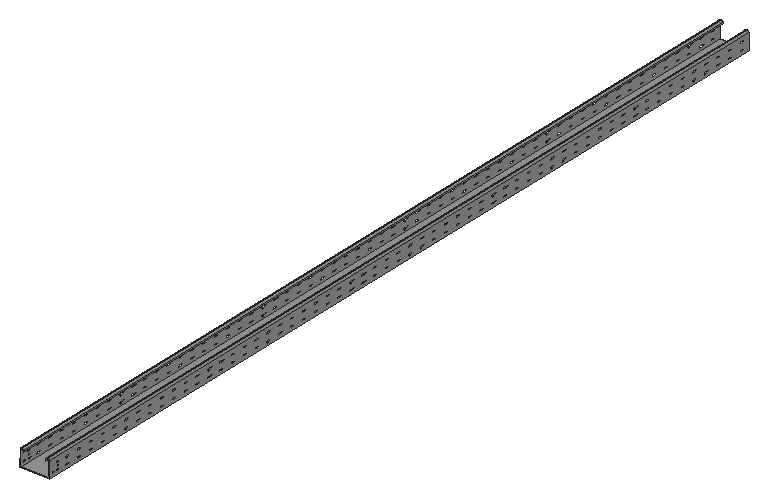
Revit family "Kabelrinne_rksm_A4_610_620_630_640_650_660", category Generic Models, Revit 2017 (continued)
Dimensions and locks
  locked: cut or joined group 1 (Extrusion 1, Extrusion 5, Extrusion 8, Extrusion 10, Extrusion 11, Extrusion 13, Extrusion 14, Extrusion 15, Extrusion 16, Extrusion 17, Extrusion 18, Extrusion 19, Extrusion 20, Extrusion 21, Extrusion 22, Extrusion 23, Extrusion 24, Extrusion 25, Extrusion 26, Extrusion 27, Extrusion 28, Extrusion 29, Extrusion 30, Extrusion 31, Extrusion 32, Extrusion 33, Extrusion 34, Extrusion 35, Extrusion 36, Extrusion 37, Extrusion 38, Extrusion 39, Extrusion 40, Extrusion 41, Extrusion 42, Extrusion 43, Extrusion 44, Extrusion 45, Extrusion 46, Extrusion 47, Extrusion 48, Extrusion 49, Extrusion 50, Extrusion 51, Extrusion 52, Extrusion 53, Extrusion 54, Extrusion 55, Extrusion 56, Extrusion 57, Extrusion 58, Extrusion 59, Extrusion 60, Extrusion 61, Extrusion 62, Extrusion 63, Extrusion 64, Extrusion 65, Extrusion 66, Extrusion 67, Extrusion 68, Extrusion 69, Extrusion 70, Extrusion 71, Extrusion 72, Extrusion 73, Extrusion 74, Extrusion 75, Extrusion 76, Extrusion 77, Extrusion 78, Extrusion 79, Extrusion 80, Extrusion 81, Extrusion 82, Extrusion 83, Extrusion 84, Extrusion 85, Extrusion 86, Extrusion 87, Extrusion 88, Extrusion 89, Extrusion 90, Extrusion 91, Extrusion 92, Extrusion 93, Extrusion 94, Extrusion 95, Extrusion 96, Extrusion 97, Extrusion 98, Extrusion 99, Extrusion 100, Extrusion 101, Extrusion 102, Extrusion 103, Extrusion 104, Extrusion 105, Extrusion 106, Extrusion 107, Extrusion 108, Extrusion 109, Extrusion 110, Extrusion 111, Extrusion 112, Extrusion 113, Extrusion 114, Extrusion 115, Extrusion 116, Extrusion 117, Extrusion 118, Extrusion 119, Extrusion 120, Extrusion 121, Extrusion 122, Extrusion 123, Extrusion 124, Extrusion 125, Extrusion 126, Extrusion 127, Extrusion 128, Extrusion 129, Extrusion 130, Extrusion 131, Extrusion 132, Extrusion 133, Extrusion 134, Extrusion 135, Extrusion 136, Extrusion 137, Extrusion 138, Extrusion 139, Extrusion 140, Extrusion 141, Extrusion 142, Extrusion 143, Extrusion 144, Extrusion 145, Extrusion 146, Extrusion 147, Extrusion 148, Extrusion 149, Extrusion 150, Extrusion 151, Extrusion 152, Extrusion 153, Extrusion 154, Extrusion 155, Extrusion 156, Extrusion 157, Extrusion 158, Extrusion 159, Extrusion 160, Extrusion 161, Extrusion 162, Extrusion 163, Extrusion 164, Extrusion 165, Extrusion 166, Extrusion 167, Extrusion 168, Extrusion 169, Extrusion 170, Extrusion 171, Extrusion 172, Extrusion 173, Extrusion 174, Extrusion 175, Extrusion 176, Extrusion 177, Extrusion 178, Extrusion 179, Extrusion 180, Extrusion 181, Extrusion 182, Extrusion 183, Extrusion 184, Extrusion 185, Extrusion 186, Extrusion 187, Extrusion 188, Extrusion 189, Extrusion 190, Extrusion 191, Extrusion 192, Extrusion 193, Extrusion 194, Extrusion 195, Extrusion 196, Extrusion 197, Extrusion 198, Extrusion 199, Extrusion 200, Extrusion 201, Extrusion 202, Extrusion 203, Extrusion 204, Extrusion 205, Extrusion 206, Extrusion 207, Extrusion 208, Extrusion 209, Extrusion 210, Extrusion 211, Extrusion 212, Extrusion 213, Extrusion 214, Extrusion 215, Extrusion 216, Extrusion 217, Extrusion 218, Extrusion 219, Extrusion 220, Extrusion 221, Extrusion 222, Extrusion 223, Extrusion 224, Extrusion 225, Extrusion 226, Extrusion 227, Extrusion 228, Extrusion 229, Extrusion 230, Extrusion 231, Extrusion 232, Extrusion 233, Extrusion 234, Extrusion 235, Extrusion 236, Extrusion 237, Extrusion 238, Extrusion 239, Extrusion 240, Extrusion 241, Extrusion 242, Extrusion 243, Extrusion 244, Extrusion 245, Extrusion 246, Extrusion 247, Extrusion 248, Extrusion 249, Extrusion 250, Extrusion 251, Extrusion 252, Extrusion 253, Extrusion 254, Extrusion 255, Extrusion 256, Extrusion 257, Extrusion 258, Extrusion 259, Extrusion 260, Extrusion 261, Extrusion 262, Extrusion 263, Extrusion 264, Extrusion 265, Extrusion 266, Extrusion 267, Extrusion 268, Extrusion 269, Extrusion 270, Extrusion 271, Extrusion 272, Extrusion 273, Extrusion 274, Extrusion 275, Extrusion 276, Extrusion 277) to Extrusion 271 sketch curve at 28
  locked: cut or joined group 1 to Extrusion 271 sketch curve at 43
  locked: cut or joined group 1 to Extrusion 272 sketch curve at 34
  locked: Extrusion 272 sketch curve to Extrusion 272 sketch curve at 7
  locked: cut or joined group 1 to Extrusion 272 sketch curve at 28
  locked: cut or joined group 1 to Extrusion 272 sketch curve at 43
  Extrusion 272 sketch curve to cut or joined group 1 = 18 mm
  locked: cut or joined group 1 to cut or joined group 1 at 1  (x8)
  locked: cut or joined group 1 to Extrusion 273 sketch curve at 9
  locked: Extrusion 273 sketch curve to Extrusion 273 sketch curve at 7
  locked: Extrusion 273 sketch curve to cut or joined group 1 at 8
  Extrusion 273 sketch curve to cut or joined group 1 = 23 mm
  locked: plane 16 to plane 15 at 1
  locked: plane 17 to plane 18 at 1
  locked: cut or joined group 1 to Extrusion 274 sketch curve at 9
  locked: Extrusion 274 sketch curve to Extrusion 274 sketch curve at 7
  locked: Extrusion 274 sketch curve to cut or joined group 1 at 28
  locked: Extrusion 274 sketch curve to cut or joined group 1 at 43
  locked: plane 19 to plane 20 at 1
